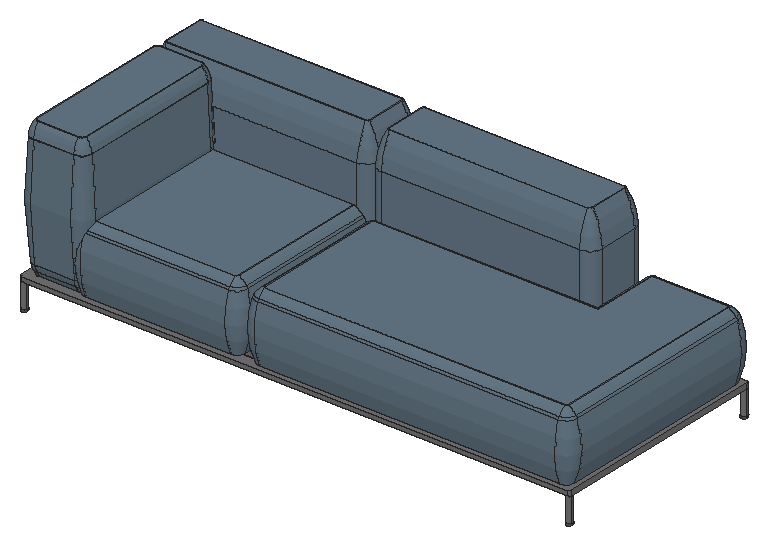
Revit family "Haworth_Mex-Hi_Sofa_Wide_OneArm-wPeninsula_PRELIMINARY", category Furniture, Revit 2018 (continued)
Definition of nested family "Haworth_Mex-Hi_Sofa_Seat-Wide-PART"
  Lines and regions (in)
    Masking region 1, visible <- "Middle Small Seat"
      outline origin (0, 0, 0) x (1, 0, 0) y (0, 1, 0)
        loop
          line (-23.80117, 0.15039) -> (-23.80117, -22.93079)
          arc (-23.80117, -22.93079) -> (-23.06894, -24.69856) -> (-21.30117, -25.43079) r 2.5
          line (-21.30117, -25.43079) -> (9.06138, -25.43079)
          arc (9.06138, -25.43079) -> (10.82915, -24.69856) -> (11.56138, -22.93079) r 2.5
          line (11.56138, -22.93079) -> (11.56138, 0.15039)
          arc (11.56138, 0.15039) -> (10.82915, 1.91816) -> (9.06138, 2.65039) r 2.5
          line (9.06138, 2.65039) -> (-21.30117, 2.65039)
          arc (-21.30117, 2.65039) -> (-23.06894, 1.91816) -> (-23.80117, 0.15039) r 2.5
    Masking region 2, visible <- "L/R Seat"
      outline origin (0, 0, 0) x (1, 0, 0) y (0, 1, 0)
        loop
          line (-19.80117, 0.15039) -> (-19.80117, -22.93079)
          arc (-19.80117, -22.93079) -> (-19.06894, -24.69856) -> (-17.30117, -25.43079) r 2.5
          line (-17.30117, -25.43079) -> (5.06138, -25.43079)
          arc (5.06138, -25.43079) -> (6.82915, -24.69856) -> (7.56138, -22.93079) r 2.5
          line (7.56138, -22.93079) -> (7.56138, 0.15039)
          arc (7.56138, 0.15039) -> (6.82915, 1.91816) -> (5.06138, 2.65039) r 2.5
          line (5.06138, 2.65039) -> (-17.30117, 2.65039)
          arc (-17.30117, 2.65039) -> (-19.06894, 1.91816) -> (-19.80117, 0.15039) r 2.5
    Masking region 3, visible <- "Peninsula Seat"
      outline origin (0, 0, 0) x (1, 0, 0) y (0, 1, 0)
        loop
          line (4.77305, 0.27539) -> (-28.30117, 0.27539)
          arc (-28.30117, 0.27539) -> (-29.89216, -0.38362) -> (-30.55117, -1.97461) r 2.25
          line (-30.55117, -1.97461) -> (-30.55117, -23.05579)
          arc (-30.55117, -23.05579) -> (-29.89216, -24.64678) -> (-28.30117, -25.30579) r 2.25
          line (-28.30117, -25.30579) -> (18.93638, -25.30579)
          arc (18.93638, -25.30579) -> (20.52737, -24.64678) -> (21.18638, -23.05579) r 2.25
          line (21.18638, -23.05579) -> (21.18638, 8.52539)
          arc (21.18638, 8.52539) -> (20.52737, 10.11638) -> (18.93638, 10.77539) r 2.25
          line (18.93638, 10.77539) -> (7.02305, 10.77539)
          arc (7.02305, 10.77539) -> (5.43206, 10.11638) -> (4.77305, 8.52539) r 2.25
          line (4.77305, 8.52539) -> (4.77305, 0.27539)
    Masking region 4, visible <- "Middle Large Seat"
      outline origin (0, 0, 0) x (1, 0, 0) y (0, 1, 0)
        loop
          line (-28.42172, 0.15039) -> (-28.42172, -22.93079)
          arc (-28.42172, -22.93079) -> (-27.68949, -24.69856) -> (-25.92172, -25.43079) r 2.5
          line (-25.92172, -25.43079) -> (13.61448, -25.43079)
          arc (13.61448, -25.43079) -> (15.38225, -24.69856) -> (16.11448, -22.93079) r 2.5
          line (16.11448, -22.93079) -> (16.11448, 0.15039)
          arc (16.11448, 0.15039) -> (15.38225, 1.91816) -> (13.61448, 2.65039) r 2.5
          line (13.61448, 2.65039) -> (-25.92172, 2.65039)
          arc (-25.92172, 2.65039) -> (-27.68949, 1.91816) -> (-28.42172, 0.15039) r 2.5
  Dimensions and locks (in)
    equal spacing: plane 8 "Left", plane 2 "Center L/R", plane 7 "Right"
    "Actual Width": plane 8 "Left" to plane 7 "Right"
    equal spacing: plane 5 "Back", plane 3 "Center F/B", plane 6 "Front"
    "Actual Depth": plane 5 "Back" to plane 6 "Front"
    "Actual Height": plane 4 "Top" to plane 1
    "Seat Height": plane 9 to level
    aligned and locked: Sweep 7 to Extrusion 8 sketch curve
    aligned and locked: Extrusion 8 sketch curve to Sweep 7
  Automatic sketch dimensions
    plane 8 "Left" to Extrusion 1 sketch curve = 2.29174"
    Extrusion 1 sketch curve to Extrusion 1 sketch curve = 0.20787"  (x3)
    Extrusion 1 sketch curve to plane 7 "Right" = 2.49961"  (x2)
    plane 6 "Front" to Extrusion 1 sketch curve = 2.72405"
    Extrusion 1 sketch curve to plane 5 "Back" = 2.71232"
    plane 8 "Left" to Sweep 2 sketch curve = 0.74961"
    Sweep 2 sketch curve to plane 5 "Back" = 0.96232"
    Sweep 2 sketch curve to Sweep 2 sketch curve = 1.75"  (x2)
    plane 6 "Front" to Sweep 2 sketch curve = 1.18191"
    Sweep 2 sketch curve to plane 7 "Right" = 2.49961"  (x2)
    Sweep 2 sketch curve to plane 7 "Right" = 0.74961"
    profile plane to Sweep 2 sketch curve = 12.08096"
    profile plane to Sweep 2 sketch curve = 3.28358"
    profile plane to Sweep 2 sketch curve = 1.54213"
    profile plane to Sweep 2 sketch curve = 1.45935"
    profile plane to Sweep 2 sketch curve = 0.41268"
    level to Sweep 2 sketch curve = 4.88189"
    level to Sweep 2 sketch curve = 9.80008"
    Sweep 2 sketch curve to Sweep 2 sketch curve = 7.21954"
    Sweep 2 sketch curve to Sweep 2 sketch curve = 1.36158"
    Sweep 2 sketch curve to Sweep 2 sketch curve = 1.90673"
    Sweep 2 sketch curve to Sweep 2 sketch curve = 0.00"
    plane 6 "Front" to Extrusion 3 sketch curve = 2.93191"  (x2)
    plane 8 "Left" to Extrusion 3 sketch curve = 6.29174"
    Extrusion 3 sketch curve to Extrusion 3 sketch curve = 0.20787"  (x2)
    Extrusion 3 sketch curve to plane 5 "Back" = 2.71232"
    Extrusion 3 sketch curve to plane 7 "Right" = 6.49961"  (x2)
    plane 8 "Left" to Sweep 4 sketch curve = 4.74961"
    Sweep 4 sketch curve to plane 5 "Back" = 0.96232"
    Sweep 4 sketch curve to Sweep 4 sketch curve = 1.75"  (x3)
    plane 6 "Front" to Sweep 4 sketch curve = 1.18191"
    plane 6 "Front" to Sweep 4 sketch curve = 2.93191"
    Sweep 4 sketch curve to plane 7 "Right" = 6.49961"
    profile plane to Sweep 4 sketch curve = 12.08096"
    profile plane to Sweep 4 sketch curve = 3.28358"
    profile plane to Sweep 4 sketch curve = 1.54213"
    profile plane to Sweep 4 sketch curve = 1.45935"
    profile plane to Sweep 4 sketch curve = 0.41268"
    level to Sweep 4 sketch curve = 4.88189"
    level to Sweep 4 sketch curve = 9.80008"
    Sweep 4 sketch curve to Sweep 4 sketch curve = 7.21954"
    Sweep 4 sketch curve to Sweep 4 sketch curve = 1.36158"
    Sweep 4 sketch curve to Sweep 4 sketch curve = 1.90673"
    Sweep 4 sketch curve to Sweep 4 sketch curve = 0.00"
    plane 8 "Left" to Masking region 1 sketch curve = 0.16833"
    plane 6 "Front" to Masking region 1 sketch curve = 0.4696"
    plane 8 "Left" to Masking region 1 sketch curve = 2.66833"
    Masking region 1 sketch curve to Masking region 1 sketch curve = 2.50"
    Masking region 1 sketch curve to plane 5 "Back" = 0.25"
    Masking region 1 sketch curve to plane 7 "Right" = 2.66833"  (x2)
    Masking region 1 sketch curve to plane 7 "Right" = 0.16833"
    plane 8 "Left" to Masking region 2 sketch curve = 4.16833"
    Masking region 2 sketch curve to Masking region 2 sketch curve = 2.50"  (x3)
    Masking region 2 sketch curve to plane 5 "Back" = 0.25"
    Masking region 2 sketch curve to plane 7 "Right" = 6.66833"  (x2)
    plane 6 "Front" to Masking region 2 sketch curve = 0.4696"
    Sweep 5 sketch curve to plane 8 "Left" = 5.99435"
    Sweep 5 sketch curve to Sweep 5 sketch curve = 1.75"  (x4)
    Sweep 5 sketch curve to plane 7 "Right" = 6.36935"
    plane 7 "Right" to Sweep 5 sketch curve = 7.11935"  (x2)
    plane 6 "Front" to Sweep 5 sketch curve = 2.93191"
    Sweep 5 sketch curve to plane 5 "Back" = 4.96232"
    plane 5 "Back" to Sweep 5 sketch curve = 5.53768"
    profile plane to Sweep 5 sketch curve = 12.08096"
    profile plane to Sweep 5 sketch curve = 3.28358"
    profile plane to Sweep 5 sketch curve = 1.54213"
    profile plane to Sweep 5 sketch curve = 1.45935"
    profile plane to Sweep 5 sketch curve = 0.41268"
    level to Sweep 5 sketch curve = 4.88189"
    level to Sweep 5 sketch curve = 9.80008"
    Sweep 5 sketch curve to Sweep 5 sketch curve = 7.21954"
    Sweep 5 sketch curve to Sweep 5 sketch curve = 1.36158"
    Sweep 5 sketch curve to Sweep 5 sketch curve = 1.90673"
    Sweep 5 sketch curve to Sweep 5 sketch curve = 0.00"
    Extrusion 6 sketch curve to plane 8 "Left" = 4.45222"
    Extrusion 6 sketch curve to Extrusion 6 sketch curve = 0.20787"  (x4)
    Extrusion 6 sketch curve to plane 7 "Right" = 4.82722"
    plane 6 "Front" to Extrusion 6 sketch curve = 2.72405"
    plane 7 "Right" to Extrusion 6 sketch curve = 7.11935"  (x2)
    Extrusion 6 sketch curve to plane 5 "Back" = 4.96232"
    plane 5 "Back" to Extrusion 6 sketch curve = 5.53768"
    Masking region 3 sketch curve to plane 8 "Left" = 6.58167"
    plane 6 "Front" to Masking region 3 sketch curve = 0.5946"
    Masking region 3 sketch curve to Masking region 3 sketch curve = 2.25"  (x4)
    Masking region 3 sketch curve to plane 5 "Back" = 2.625"
    Masking region 3 sketch curve to plane 7 "Right" = 6.95667"
    plane 7 "Right" to Masking region 3 sketch curve = 7.20667"  (x2)
    plane 5 "Back" to Masking region 3 sketch curve = 5.625"
    Sweep 7 sketch curve to plane 8 "Left" = 3.80039"
    Sweep 7 sketch curve to plane 5 "Back" = 0.96232"
    Sweep 7 sketch curve to plane 8 "Left" = 2.05039"  (x2)
    plane 6 "Front" to Sweep 7 sketch curve = 1.18191"
    plane 7 "Right" to Sweep 7 sketch curve = 2.05039"  (x2)
    Sweep 7 sketch curve to Sweep 7 sketch curve = 1.75"
    profile plane to Sweep 7 sketch curve = 12.08096"
    profile plane to Sweep 7 sketch curve = 3.28358"
    profile plane to Sweep 7 sketch curve = 1.54213"
    profile plane to Sweep 7 sketch curve = 1.45935"
    profile plane to Sweep 7 sketch curve = 0.41268"
    level to Sweep 7 sketch curve = 4.88189"
    level to Sweep 7 sketch curve = 9.80008"
    Sweep 7 sketch curve to Sweep 7 sketch curve = 7.21954"
    Sweep 7 sketch curve to Sweep 7 sketch curve = 1.36158"
    Sweep 7 sketch curve to Sweep 7 sketch curve = 1.90673"
    Sweep 7 sketch curve to Sweep 7 sketch curve = 0.00"
    Extrusion 8 sketch curve to Extrusion 8 sketch curve = 0.20787"  (x4)
    plane 6 "Front" to Extrusion 8 sketch curve = 2.97405"
    Extrusion 8 sketch curve to plane 5 "Back" = 2.46232"
    Masking region 4 sketch curve to plane 5 "Back" = 2.75"
    Masking region 4 sketch curve to plane 8 "Left" = 4.45222"
    plane 6 "Front" to Masking region 4 sketch curve = 0.4696"
    Masking region 4 sketch curve to plane 8 "Left" = 1.95222"  (x2)
    plane 7 "Right" to Masking region 4 sketch curve = 1.88477"  (x2)
    Masking region 4 sketch curve to Masking region 4 sketch curve = 2.50"
Definition of nested family "Haworth_Mex-Hi_Sofa_Arm-Wide-PART"
  Parameters (values of type "Arm Wide - PART")
    Warranty = "http://www.haworth.com/resources/product-info/warranties"
    URL - Product = "https://www.haworth.com/na/en/products/lounge-sofas/ottomans/mex-hi-seating.html"
    URL = "https://www.haworth.com/na/en/about/brands/haworth-collection.html"
    Sustainability Info = "https://www.haworth.com/na/en/expertise/sustainability.html"
    Size = "Verify Final Dim. w/ Haworth"  # constant formula
    Seat Height = 17.00"  # constant formula
    Revision Number = "1"  # constant formula
    Model = "Haworth - Cassina - Mex-Hi"  # constant formula
    Manufacturer = "Haworth"  # constant formula
    Description = "Haworth - Cassina - Mex-Hi - Arm - Wide - PART"  # constant formula
    Author = "Haworth (Abd Rahman)"  # constant formula
    Assembly Code = "E2020200"
    Arm Finish [instance] = none
    Actual Width = 10.60"  # constant formula
    Actual Height = 27.39844"  # constant formula
    Actual Depth = 26.95"  # constant formula
  Reference planes (in)
    plane 1: z = 0
    plane 2 "Top": z = 27.39844
    plane 3: z = 17
    plane 4 "Center (Left/Right)": x = -6.86693
    plane 5 "Right": x = -1.56693
    plane 6 "Left": x = -12.16693
    plane 7 "Back": y = 4.0526
    plane 8 "Front": y = -22.8974
    plane 9 "Center (Front/Back)": y = -9.4224
  Forms (in)
    Extrusion 1, solid, material <- "Arm Finish"
      sketch origin (0.63191, -49.7521, 0) x (0, -1, 0) y (1, 0, 0)
        loop
          arc (-51.61789, -3.68512) -> (-52.10354, -3.88628) -> (-52.3047, -4.37193) r 0.68681
          line (-52.3047, -4.37193) -> (-52.3047, -10.62086)
          arc (-52.3047, -10.62086) -> (-52.10354, -11.10651) -> (-51.61789, -11.30768) r 0.68681
          line (-51.61789, -11.30768) -> (-29.02629, -11.30768)
          arc (-29.02629, -11.30768) -> (-28.54064, -11.10651) -> (-28.33948, -10.62086) r 0.68681
          line (-28.33948, -10.62086) -> (-28.33948, -4.37193)
          arc (-28.33948, -4.37193) -> (-28.54064, -3.88628) -> (-29.02629, -3.68512) r 0.68681
          line (-29.02629, -3.68512) -> (-51.61789, -3.68512)
      from 4.93145 to 26.69365
    Sweep 2, solid, material <- "Arm Finish"
      path origin (2.28007, -11.64795, 0) x (0, -1, 0) y (1, 0, 0)
        loop
          arc (-13.51374, -5.2201) -> (-14.07942, -5.45441) -> (-14.31374, -6.0201) r 0.8
          line (-14.31374, -6.0201) -> (-14.31374, -12.26903)
          arc (-14.31374, -12.26903) -> (-14.07942, -12.83471) -> (-13.51374, -13.06903) r 0.8
          line (-13.51374, -13.06903) -> (9.07287, -13.06903)
          arc (9.07287, -13.06903) -> (9.63856, -12.83471) -> (9.87287, -12.26903) r 0.8
          line (9.87287, -12.26903) -> (9.87287, -6.0201)
          arc (9.87287, -6.0201) -> (9.63856, -5.45441) -> (9.07287, -5.2201) r 0.8
          line (9.07287, -5.2201) -> (-13.51374, -5.2201)
      profile origin (-2.94003, -9.42752, 0) x (1, 0, 0) y (0, 0, 1)
        loop
          arc (-0.11319, 4.93145) -> (0.10629, 5.35475) -> (0.30664, 5.78743) r 10.67748
          arc (0.30664, 5.78743) -> (0.49657, 6.31175) -> (0.61822, 6.85598) r 4.37313
          arc (0.61822, 6.85598) -> (1.36933, 15.6991) -> (0.85457, 24.55912) r 62.21694
          arc (0.85457, 24.55912) -> (0.85037, 24.58806) -> (0.84533, 24.61687) r 1
          arc (0.84533, 24.61687) -> (0.49365, 25.71414) -> (-0.11319, 26.69365) r 4.72445
          line (-0.11319, 26.69365) -> (-0.11319, 4.93145)
  Lines and regions (in)
    Masking region 1
      outline origin (0, 0, 0) x (1, 0, 0) y (0, 1, 0)
        loop
          line (-3.71693, 4.0526) -> (-10.01693, 4.0526)
          arc (-10.01693, 4.0526) -> (-11.53721, 3.42288) -> (-12.16693, 1.9026) r 2.15
          line (-12.16693, 1.9026) -> (-12.16693, -20.74456)
          arc (-12.16693, -20.74456) -> (-11.53638, -22.26685) -> (-10.0141, -22.8974) r 2.15284
          line (-10.0141, -22.8974) -> (-3.71693, -22.8974)
          arc (-3.71693, -22.8974) -> (-2.19665, -22.26768) -> (-1.56693, -20.7474) r 2.15
          line (-1.56693, -20.7474) -> (-1.56693, 1.9026)
          arc (-1.56693, 1.9026) -> (-2.19665, 3.42288) -> (-3.71693, 4.0526) r 2.15
  Dimensions and locks (in)
    "Actual Height": plane 2 "Top" to plane 1
    "Seat Height": plane 3 to level
    equal spacing: plane 6 "Left", plane 4 "Center (Left/Right)", plane 5 "Right"
    "Actual Width": plane 6 "Left" to plane 5 "Right"
    equal spacing: plane 8 "Front", plane 9 "Center (Front/Back)", plane 7 "Back"
    "Actual Depth": plane 8 "Front" to plane 7 "Back"
  Automatic sketch dimensions
    Sweep 2 sketch curve to Sweep 2 sketch curve = 0.80"  (x3)
    Sweep 2 sketch curve to Sweep 2 sketch curve = 0.00"  (x4)
    Sweep 2 sketch curve to Sweep 2 sketch curve = 6.24893"
    level to Sweep 2 sketch curve = 16.52967"
    profile plane to Sweep 2 sketch curve = 60.84208"
    profile plane to Sweep 2 sketch curve = 9.48023"
    profile plane to Sweep 2 sketch curve = 3.79596"
    profile plane to Sweep 2 sketch curve = 3.70172"
    profile plane to Sweep 2 sketch curve = 0.13707"
    profile plane to Sweep 2 sketch curve = 0.11319"
    level to Sweep 2 sketch curve = 10.05658"
    Sweep 2 sketch curve to Sweep 2 sketch curve = 2.52065"
    Sweep 2 sketch curve to Sweep 2 sketch curve = 2.60448"
    Sweep 2 sketch curve to Sweep 2 sketch curve = 13.67773"
    Sweep 2 sketch curve to Sweep 2 sketch curve = 0.69575"
    Sweep 2 sketch curve to Sweep 2 sketch curve = 2.26359"
    Extrusion 1 sketch curve to Extrusion 1 sketch curve = 0.68681"  (x3)
    Extrusion 1 sketch curve to Extrusion 1 sketch curve = 22.5916"
    Extrusion 1 sketch curve to Extrusion 1 sketch curve = 0.00"
    Extrusion 1 sketch curve to Extrusion 1 sketch curve = 6.24893"
    plane 6 "Left" to Extrusion 1 sketch curve = 1.49116"
    plane 6 "Left" to Sweep 2 sketch curve = 1.37798"
    plane 7 "Back" to Extrusion 1 sketch curve = 1.50"
    plane 7 "Back" to Sweep 2 sketch curve = 1.38681"
    plane 8 "Front" to Sweep 2 sketch curve = 2.17657"
    Masking region 1 sketch curve to plane 6 "Left" = 0.00"
    plane 6 "Left" to Masking region 1 sketch curve = 2.15"
    plane 8 "Front" to Masking region 1 sketch curve = 2.15284"
    Masking region 1 sketch curve to Masking region 1 sketch curve = 2.15284"
    Masking region 1 sketch curve to plane 5 "Right" = 2.15"  (x2)
    Masking region 1 sketch curve to plane 5 "Right" = 0.00"
    plane 7 "Back" to Masking region 1 sketch curve = 2.15"
